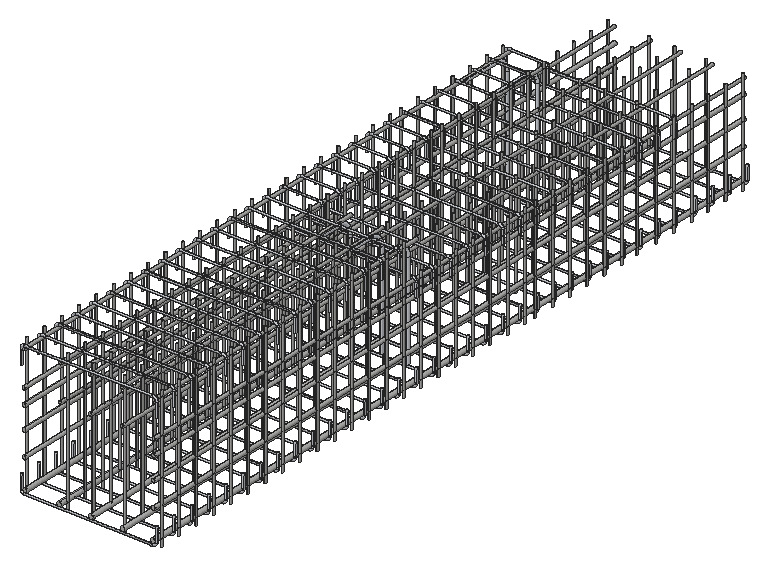
Revit family "261_Каркас пространственный КП4", category Обобщенные модели, Revit 2016 (continued)
Nested families
  nested 169: "361_Арматурная форма 2" at (754, 2225, 559.782) x (0, 0, -1) z (1, 0, 0), type "Параметрический"
    with Рзм.РасчетныйРадиус 90 mm, Рзм.Длина 985.664 mm, Рзм.Диаметр 20 mm, Орг.УровеньТекстовый "", Орг.ОбознчТома(Комплекта) "", Орг.НомерЛистаЭлемента "", Орг.ИзделиеТипПодсчета 2, Орг.ИдентификацияЭлемента2 "", Орг.ИдентификацияЭлемента1 "", Орг.ИдентификацияЭлемента "", Мсв.Количество 1, Мрк.Обозначение "ГОСТ 5781-82", Мрк.Наименование "Ø20 А240 ГОСТ 5781-82", Мрк.МаркаКонструкции "", Мрк.МаркаИзделия3 "", Мрк.МаркаИзделия2 "", Мрк.МаркаИзделия1 "Каркас плоский КР 31", Мрк.МаркаИзделия "Каркас пространственный КП 4", Мрк.Марка "8", Арм.РазмерR 80 mm, Арм.РазмерJ 0 mm, Арм.РазмерG 0 mm, Арм.РазмерF 0 mm, Арм.РазмерE 0 mm, Арм.РазмерD 0 mm, Арм.РазмерC 0 mm, Арм.РазмерB 760 mm, Арм.РазмерA 260 mm, Арм.ПогМетрыВкл no, Арм.КоэфНахлеста 1, Арм.Класс 1240
  nested 170: "361_Арматурная форма 1" at (718, 195, 500) x (0, 0, 1) z (1, 0, 0), type "Параметрический"
    with Рзм.Длина 970 mm, Рзм.Диаметр 12 mm, Орг.УровеньТекстовый "", Орг.ОбознчТома(Комплекта) "", Орг.НомерЛистаЭлемента "", Орг.ИзделиеТипПодсчета 2, Орг.ИдентификацияЭлемента1 "", Орг.ИдентификацияЭлемента "", Мрк.Обозначение "ГОСТ 5781-82", Мрк.Наименование "Ø12 А240 ГОСТ 5781-82", Мрк.МаркаКонструкции "", Мрк.МаркаИзделия3 "", Мрк.МаркаИзделия2 "", Мрк.МаркаИзделия1 "Каркас плоский КР 31", Мрк.МаркаИзделия "Каркас пространственный КП 4", Мрк.Марка "5", Арм.РазмерR 0 mm, Арм.РазмерJ 0 mm, Арм.РазмерG 0 mm, Арм.РазмерF 0 mm, Арм.РазмерE 0 mm, Арм.РазмерD 0 mm, Арм.РазмерC 0 mm, Арм.РазмерB 0 mm, Арм.РазмерA 970 mm, Арм.ПогМетрыВкл no, Арм.КоэфНахлеста 1, Арм.Класс 1240
  nested 171: "361_Арматурная форма 1" at (718, 345, 500) x (0, 0, 1) z (1, 0, 0), type "Параметрический"
    with Рзм.Длина 970 mm, Рзм.Диаметр 12 mm, Орг.УровеньТекстовый "", Орг.ОбознчТома(Комплекта) "", Орг.НомерЛистаЭлемента "", Орг.ИзделиеТипПодсчета 2, Орг.ИдентификацияЭлемента1 "", Орг.ИдентификацияЭлемента "", Мрк.Обозначение "ГОСТ 5781-82", Мрк.Наименование "Ø12 А240 ГОСТ 5781-82", Мрк.МаркаКонструкции "", Мрк.МаркаИзделия3 "", Мрк.МаркаИзделия2 "", Мрк.МаркаИзделия1 "Каркас плоский КР 31", Мрк.МаркаИзделия "Каркас пространственный КП 4", Мрк.Марка "5", Арм.РазмерR 0 mm, Арм.РазмерJ 0 mm, Арм.РазмерG 0 mm, Арм.РазмерF 0 mm, Арм.РазмерE 0 mm, Арм.РазмерD 0 mm, Арм.РазмерC 0 mm, Арм.РазмерB 0 mm, Арм.РазмерA 970 mm, Арм.ПогМетрыВкл no, Арм.КоэфНахлеста 1, Арм.Класс 1240
  nested 172: "361_Арматурная форма 1" at (718, 495, 500) x (0, 0, 1) z (1, 0, 0), type "Параметрический"
    with Рзм.Длина 970 mm, Рзм.Диаметр 12 mm, Орг.УровеньТекстовый "", Орг.ОбознчТома(Комплекта) "", Орг.НомерЛистаЭлемента "", Орг.ИзделиеТипПодсчета 2, Орг.ИдентификацияЭлемента1 "", Орг.ИдентификацияЭлемента "", Мрк.Обозначение "ГОСТ 5781-82", Мрк.Наименование "Ø12 А240 ГОСТ 5781-82", Мрк.МаркаКонструкции "", Мрк.МаркаИзделия3 "", Мрк.МаркаИзделия2 "", Мрк.МаркаИзделия1 "Каркас плоский КР 31", Мрк.МаркаИзделия "Каркас пространственный КП 4", Мрк.Марка "5", Арм.РазмерR 0 mm, Арм.РазмерJ 0 mm, Арм.РазмерG 0 mm, Арм.РазмерF 0 mm, Арм.РазмерE 0 mm, Арм.РазмерD 0 mm, Арм.РазмерC 0 mm, Арм.РазмерB 0 mm, Арм.РазмерA 970 mm, Арм.ПогМетрыВкл no, Арм.КоэфНахлеста 1, Арм.Класс 1240
  nested 173: "361_Арматурная форма 1" at (718, 645, 500) x (0, 0, 1) z (1, 0, 0), type "Параметрический"
    with Рзм.Длина 970 mm, Рзм.Диаметр 12 mm, Орг.УровеньТекстовый "", Орг.ОбознчТома(Комплекта) "", Орг.НомерЛистаЭлемента "", Орг.ИзделиеТипПодсчета 2, Орг.ИдентификацияЭлемента1 "", Орг.ИдентификацияЭлемента "", Мрк.Обозначение "ГОСТ 5781-82", Мрк.Наименование "Ø12 А240 ГОСТ 5781-82", Мрк.МаркаКонструкции "", Мрк.МаркаИзделия3 "", Мрк.МаркаИзделия2 "", Мрк.МаркаИзделия1 "Каркас плоский КР 31", Мрк.МаркаИзделия "Каркас пространственный КП 4", Мрк.Марка "5", Арм.РазмерR 0 mm, Арм.РазмерJ 0 mm, Арм.РазмерG 0 mm, Арм.РазмерF 0 mm, Арм.РазмерE 0 mm, Арм.РазмерD 0 mm, Арм.РазмерC 0 mm, Арм.РазмерB 0 mm, Арм.РазмерA 970 mm, Арм.ПогМетрыВкл no, Арм.КоэфНахлеста 1, Арм.Класс 1240
  nested 174: "361_Арматурная форма 1" at (718, 795, 500) x (0, 0, 1) z (1, 0, 0), type "Параметрический"
    with Рзм.Длина 970 mm, Рзм.Диаметр 12 mm, Орг.УровеньТекстовый "", Орг.ОбознчТома(Комплекта) "", Орг.НомерЛистаЭлемента "", Орг.ИзделиеТипПодсчета 2, Орг.ИдентификацияЭлемента1 "", Орг.ИдентификацияЭлемента "", Мрк.Обозначение "ГОСТ 5781-82", Мрк.Наименование "Ø12 А240 ГОСТ 5781-82", Мрк.МаркаКонструкции "", Мрк.МаркаИзделия3 "", Мрк.МаркаИзделия2 "", Мрк.МаркаИзделия1 "Каркас плоский КР 31", Мрк.МаркаИзделия "Каркас пространственный КП 4", Мрк.Марка "5", Арм.РазмерR 0 mm, Арм.РазмерJ 0 mm, Арм.РазмерG 0 mm, Арм.РазмерF 0 mm, Арм.РазмерE 0 mm, Арм.РазмерD 0 mm, Арм.РазмерC 0 mm, Арм.РазмерB 0 mm, Арм.РазмерA 970 mm, Арм.ПогМетрыВкл no, Арм.КоэфНахлеста 1, Арм.Класс 1240
  nested 175: "361_Арматурная форма 1" at (718, 945, 500) x (0, 0, 1) z (1, 0, 0), type "Параметрический"
    with Рзм.Длина 970 mm, Рзм.Диаметр 12 mm, Орг.УровеньТекстовый "", Орг.ОбознчТома(Комплекта) "", Орг.НомерЛистаЭлемента "", Орг.ИзделиеТипПодсчета 2, Орг.ИдентификацияЭлемента1 "", Орг.ИдентификацияЭлемента "", Мрк.Обозначение "ГОСТ 5781-82", Мрк.Наименование "Ø12 А240 ГОСТ 5781-82", Мрк.МаркаКонструкции "", Мрк.МаркаИзделия3 "", Мрк.МаркаИзделия2 "", Мрк.МаркаИзделия1 "Каркас плоский КР 31", Мрк.МаркаИзделия "Каркас пространственный КП 4", Мрк.Марка "5", Арм.РазмерR 0 mm, Арм.РазмерJ 0 mm, Арм.РазмерG 0 mm, Арм.РазмерF 0 mm, Арм.РазмерE 0 mm, Арм.РазмерD 0 mm, Арм.РазмерC 0 mm, Арм.РазмерB 0 mm, Арм.РазмерA 970 mm, Арм.ПогМетрыВкл no, Арм.КоэфНахлеста 1, Арм.Класс 1240
  nested 176: "361_Арматурная форма 1" at (718, 1095, 500) x (0, 0, 1) z (1, 0, 0), type "Параметрический"
    with Рзм.Длина 970 mm, Рзм.Диаметр 12 mm, Орг.УровеньТекстовый "", Орг.ОбознчТома(Комплекта) "", Орг.НомерЛистаЭлемента "", Орг.ИзделиеТипПодсчета 2, Орг.ИдентификацияЭлемента1 "", Орг.ИдентификацияЭлемента "", Мрк.Обозначение "ГОСТ 5781-82", Мрк.Наименование "Ø12 А240 ГОСТ 5781-82", Мрк.МаркаКонструкции "", Мрк.МаркаИзделия3 "", Мрк.МаркаИзделия2 "", Мрк.МаркаИзделия1 "Каркас плоский КР 31", Мрк.МаркаИзделия "Каркас пространственный КП 4", Мрк.Марка "5", Арм.РазмерR 0 mm, Арм.РазмерJ 0 mm, Арм.РазмерG 0 mm, Арм.РазмерF 0 mm, Арм.РазмерE 0 mm, Арм.РазмерD 0 mm, Арм.РазмерC 0 mm, Арм.РазмерB 0 mm, Арм.РазмерA 970 mm, Арм.ПогМетрыВкл no, Арм.КоэфНахлеста 1, Арм.Класс 1240
  nested 177: "361_Арматурная форма 1" at (718, 1245, 500) x (0, 0, 1) z (1, 0, 0), type "Параметрический"
    with Рзм.Длина 970 mm, Рзм.Диаметр 12 mm, Орг.УровеньТекстовый "", Орг.ОбознчТома(Комплекта) "", Орг.НомерЛистаЭлемента "", Орг.ИзделиеТипПодсчета 2, Орг.ИдентификацияЭлемента1 "", Орг.ИдентификацияЭлемента "", Мрк.Обозначение "ГОСТ 5781-82", Мрк.Наименование "Ø12 А240 ГОСТ 5781-82", Мрк.МаркаКонструкции "", Мрк.МаркаИзделия3 "", Мрк.МаркаИзделия2 "", Мрк.МаркаИзделия1 "Каркас плоский КР 31", Мрк.МаркаИзделия "Каркас пространственный КП 4", Мрк.Марка "5", Арм.РазмерR 0 mm, Арм.РазмерJ 0 mm, Арм.РазмерG 0 mm, Арм.РазмерF 0 mm, Арм.РазмерE 0 mm, Арм.РазмерD 0 mm, Арм.РазмерC 0 mm, Арм.РазмерB 0 mm, Арм.РазмерA 970 mm, Арм.ПогМетрыВкл no, Арм.КоэфНахлеста 1, Арм.Класс 1240
  nested 178: "361_Арматурная форма 1" at (718, 1395, 500) x (0, 0, 1) z (1, 0, 0), type "Параметрический"
    with Рзм.Длина 970 mm, Рзм.Диаметр 12 mm, Орг.УровеньТекстовый "", Орг.ОбознчТома(Комплекта) "", Орг.НомерЛистаЭлемента "", Орг.ИзделиеТипПодсчета 2, Орг.ИдентификацияЭлемента1 "", Орг.ИдентификацияЭлемента "", Мрк.Обозначение "ГОСТ 5781-82", Мрк.Наименование "Ø12 А240 ГОСТ 5781-82", Мрк.МаркаКонструкции "", Мрк.МаркаИзделия3 "", Мрк.МаркаИзделия2 "", Мрк.МаркаИзделия1 "Каркас плоский КР 31", Мрк.МаркаИзделия "Каркас пространственный КП 4", Мрк.Марка "5", Арм.РазмерR 0 mm, Арм.РазмерJ 0 mm, Арм.РазмерG 0 mm, Арм.РазмерF 0 mm, Арм.РазмерE 0 mm, Арм.РазмерD 0 mm, Арм.РазмерC 0 mm, Арм.РазмерB 0 mm, Арм.РазмерA 970 mm, Арм.ПогМетрыВкл no, Арм.КоэфНахлеста 1, Арм.Класс 1240
  nested 179: "361_Арматурная форма 1" at (718, 1545, 500) x (0, 0, 1) z (1, 0, 0), type "Параметрический"
    with Рзм.Длина 970 mm, Рзм.Диаметр 12 mm, Орг.УровеньТекстовый "", Орг.ОбознчТома(Комплекта) "", Орг.НомерЛистаЭлемента "", Орг.ИзделиеТипПодсчета 2, Орг.ИдентификацияЭлемента1 "", Орг.ИдентификацияЭлемента "", Мрк.Обозначение "ГОСТ 5781-82", Мрк.Наименование "Ø12 А240 ГОСТ 5781-82", Мрк.МаркаКонструкции "", Мрк.МаркаИзделия3 "", Мрк.МаркаИзделия2 "", Мрк.МаркаИзделия1 "Каркас плоский КР 31", Мрк.МаркаИзделия "Каркас пространственный КП 4", Мрк.Марка "5", Арм.РазмерR 0 mm, Арм.РазмерJ 0 mm, Арм.РазмерG 0 mm, Арм.РазмерF 0 mm, Арм.РазмерE 0 mm, Арм.РазмерD 0 mm, Арм.РазмерC 0 mm, Арм.РазмерB 0 mm, Арм.РазмерA 970 mm, Арм.ПогМетрыВкл no, Арм.КоэфНахлеста 1, Арм.Класс 1240
  nested 180: "361_Арматурная форма 1" at (718, 1695, 500) x (0, 0, 1) z (1, 0, 0), type "Параметрический"
    with Рзм.Длина 970 mm, Рзм.Диаметр 12 mm, Орг.УровеньТекстовый "", Орг.ОбознчТома(Комплекта) "", Орг.НомерЛистаЭлемента "", Орг.ИзделиеТипПодсчета 2, Орг.ИдентификацияЭлемента1 "", Орг.ИдентификацияЭлемента "", Мрк.Обозначение "ГОСТ 5781-82", Мрк.Наименование "Ø12 А240 ГОСТ 5781-82", Мрк.МаркаКонструкции "", Мрк.МаркаИзделия3 "", Мрк.МаркаИзделия2 "", Мрк.МаркаИзделия1 "Каркас плоский КР 31", Мрк.МаркаИзделия "Каркас пространственный КП 4", Мрк.Марка "5", Арм.РазмерR 0 mm, Арм.РазмерJ 0 mm, Арм.РазмерG 0 mm, Арм.РазмерF 0 mm, Арм.РазмерE 0 mm, Арм.РазмерD 0 mm, Арм.РазмерC 0 mm, Арм.РазмерB 0 mm, Арм.РазмерA 970 mm, Арм.ПогМетрыВкл no, Арм.КоэфНахлеста 1, Арм.Класс 1240
  nested 181: "361_Арматурная форма 1" at (718, 1845, 500) x (0, 0, 1) z (1, 0, 0), type "Параметрический"
    with Рзм.Длина 970 mm, Рзм.Диаметр 12 mm, Орг.УровеньТекстовый "", Орг.ОбознчТома(Комплекта) "", Орг.НомерЛистаЭлемента "", Орг.ИзделиеТипПодсчета 2, Орг.ИдентификацияЭлемента1 "", Орг.ИдентификацияЭлемента "", Мрк.Обозначение "ГОСТ 5781-82", Мрк.Наименование "Ø12 А240 ГОСТ 5781-82", Мрк.МаркаКонструкции "", Мрк.МаркаИзделия3 "", Мрк.МаркаИзделия2 "", Мрк.МаркаИзделия1 "Каркас плоский КР 31", Мрк.МаркаИзделия "Каркас пространственный КП 4", Мрк.Марка "5", Арм.РазмерR 0 mm, Арм.РазмерJ 0 mm, Арм.РазмерG 0 mm, Арм.РазмерF 0 mm, Арм.РазмерE 0 mm, Арм.РазмерD 0 mm, Арм.РазмерC 0 mm, Арм.РазмерB 0 mm, Арм.РазмерA 970 mm, Арм.ПогМетрыВкл no, Арм.КоэфНахлеста 1, Арм.Класс 1240
  nested 182: "361_Арматурная форма 1" at (718, 1995, 500) x (0, 0, 1) z (1, 0, 0), type "Параметрический"
    with Рзм.Длина 970 mm, Рзм.Диаметр 12 mm, Орг.УровеньТекстовый "", Орг.ОбознчТома(Комплекта) "", Орг.НомерЛистаЭлемента "", Орг.ИзделиеТипПодсчета 2, Орг.ИдентификацияЭлемента1 "", Орг.ИдентификацияЭлемента "", Мрк.Обозначение "ГОСТ 5781-82", Мрк.Наименование "Ø12 А240 ГОСТ 5781-82", Мрк.МаркаКонструкции "", Мрк.МаркаИзделия3 "", Мрк.МаркаИзделия2 "", Мрк.МаркаИзделия1 "Каркас плоский КР 31", Мрк.МаркаИзделия "Каркас пространственный КП 4", Мрк.Марка "5", Арм.РазмерR 0 mm, Арм.РазмерJ 0 mm, Арм.РазмерG 0 mm, Арм.РазмерF 0 mm, Арм.РазмерE 0 mm, Арм.РазмерD 0 mm, Арм.РазмерC 0 mm, Арм.РазмерB 0 mm, Арм.РазмерA 970 mm, Арм.ПогМетрыВкл no, Арм.КоэфНахлеста 1, Арм.Класс 1240
  nested 183: "361_Арматурная форма 1" at (718, 2145, 500) x (0, 0, 1) z (1, 0, 0), type "Параметрический"
    with Рзм.Длина 970 mm, Рзм.Диаметр 12 mm, Орг.УровеньТекстовый "", Орг.ОбознчТома(Комплекта) "", Орг.НомерЛистаЭлемента "", Орг.ИзделиеТипПодсчета 2, Орг.ИдентификацияЭлемента1 "", Орг.ИдентификацияЭлемента "", Мрк.Обозначение "ГОСТ 5781-82", Мрк.Наименование "Ø12 А240 ГОСТ 5781-82", Мрк.МаркаКонструкции "", Мрк.МаркаИзделия3 "", Мрк.МаркаИзделия2 "", Мрк.МаркаИзделия1 "Каркас плоский КР 31", Мрк.МаркаИзделия "Каркас пространственный КП 4", Мрк.Марка "5", Арм.РазмерR 0 mm, Арм.РазмерJ 0 mm, Арм.РазмерG 0 mm, Арм.РазмерF 0 mm, Арм.РазмерE 0 mm, Арм.РазмерD 0 mm, Арм.РазмерC 0 mm, Арм.РазмерB 0 mm, Арм.РазмерA 970 mm, Арм.ПогМетрыВкл no, Арм.КоэфНахлеста 1, Арм.Класс 1240
  nested 184: "361_Арматурная форма 1" at (718, 2295, 377.5) x (0, 0, 1) z (1, 0, 0), type "Параметрический"
    with Рзм.Длина 725 mm, Рзм.Диаметр 12 mm, Орг.УровеньТекстовый "", Орг.ОбознчТома(Комплекта) "", Орг.НомерЛистаЭлемента "", Орг.ИзделиеТипПодсчета 2, Орг.ИдентификацияЭлемента1 "", Орг.ИдентификацияЭлемента "", Мрк.Обозначение "ГОСТ 5781-82", Мрк.Наименование "Ø12 А240 ГОСТ 5781-82", Мрк.МаркаКонструкции "", Мрк.МаркаИзделия3 "", Мрк.МаркаИзделия2 "", Мрк.МаркаИзделия1 "Каркас плоский КР 31", Мрк.МаркаИзделия "Каркас пространственный КП 4", Мрк.Марка "6", Арм.РазмерR 0 mm, Арм.РазмерJ 0 mm, Арм.РазмерG 0 mm, Арм.РазмерF 0 mm, Арм.РазмерE 0 mm, Арм.РазмерD 0 mm, Арм.РазмерC 0 mm, Арм.РазмерB 0 mm, Арм.РазмерA 725 mm, Арм.ПогМетрыВкл no, Арм.КоэфНахлеста 1, Арм.Класс 1240
  nested 185: "361_Арматурная форма 1" at (718, 2445, 377.5) x (0, 0, 1) z (1, 0, 0), type "Параметрический"
    with Рзм.Длина 725 mm, Рзм.Диаметр 12 mm, Орг.УровеньТекстовый "", Орг.ОбознчТома(Комплекта) "", Орг.НомерЛистаЭлемента "", Орг.ИзделиеТипПодсчета 2, Орг.ИдентификацияЭлемента1 "", Орг.ИдентификацияЭлемента "", Мрк.Обозначение "ГОСТ 5781-82", Мрк.Наименование "Ø12 А240 ГОСТ 5781-82", Мрк.МаркаКонструкции "", Мрк.МаркаИзделия3 "", Мрк.МаркаИзделия2 "", Мрк.МаркаИзделия1 "Каркас плоский КР 31", Мрк.МаркаИзделия "Каркас пространственный КП 4", Мрк.Марка "6", Арм.РазмерR 0 mm, Арм.РазмерJ 0 mm, Арм.РазмерG 0 mm, Арм.РазмерF 0 mm, Арм.РазмерE 0 mm, Арм.РазмерD 0 mm, Арм.РазмерC 0 mm, Арм.РазмерB 0 mm, Арм.РазмерA 725 mm, Арм.ПогМетрыВкл no, Арм.КоэфНахлеста 1, Арм.Класс 1240
  nested 186: "361_Арматурная форма 1" at (718, 2595, 377.5) x (0, 0, 1) z (1, 0, 0), type "Параметрический"
    with Рзм.Длина 725 mm, Рзм.Диаметр 12 mm, Орг.УровеньТекстовый "", Орг.ОбознчТома(Комплекта) "", Орг.НомерЛистаЭлемента "", Орг.ИзделиеТипПодсчета 2, Орг.ИдентификацияЭлемента1 "", Орг.ИдентификацияЭлемента "", Мрк.Обозначение "ГОСТ 5781-82", Мрк.Наименование "Ø12 А240 ГОСТ 5781-82", Мрк.МаркаКонструкции "", Мрк.МаркаИзделия3 "", Мрк.МаркаИзделия2 "", Мрк.МаркаИзделия1 "Каркас плоский КР 31", Мрк.МаркаИзделия "Каркас пространственный КП 4", Мрк.Марка "6", Арм.РазмерR 0 mm, Арм.РазмерJ 0 mm, Арм.РазмерG 0 mm, Арм.РазмерF 0 mm, Арм.РазмерE 0 mm, Арм.РазмерD 0 mm, Арм.РазмерC 0 mm, Арм.РазмерB 0 mm, Арм.РазмерA 725 mm, Арм.ПогМетрыВкл no, Арм.КоэфНахлеста 1, Арм.Класс 1240
  nested 187: "361_Арматурная форма 1" at (718, 2745, 377.5) x (0, 0, 1) z (1, 0, 0), type "Параметрический"
    with Рзм.Длина 725 mm, Рзм.Диаметр 12 mm, Орг.УровеньТекстовый "", Орг.ОбознчТома(Комплекта) "", Орг.НомерЛистаЭлемента "", Орг.ИзделиеТипПодсчета 2, Орг.ИдентификацияЭлемента1 "", Орг.ИдентификацияЭлемента "", Мрк.Обозначение "ГОСТ 5781-82", Мрк.Наименование "Ø12 А240 ГОСТ 5781-82", Мрк.МаркаКонструкции "", Мрк.МаркаИзделия3 "", Мрк.МаркаИзделия2 "", Мрк.МаркаИзделия1 "Каркас плоский КР 31", Мрк.МаркаИзделия "Каркас пространственный КП 4", Мрк.Марка "6", Арм.РазмерR 0 mm, Арм.РазмерJ 0 mm, Арм.РазмерG 0 mm, Арм.РазмерF 0 mm, Арм.РазмерE 0 mm, Арм.РазмерD 0 mm, Арм.РазмерC 0 mm, Арм.РазмерB 0 mm, Арм.РазмерA 725 mm, Арм.ПогМетрыВкл no, Арм.КоэфНахлеста 1, Арм.Класс 1240
  nested 188: "361_Арматурная форма 1" at (718, 2895, 377.5) x (0, 0, 1) z (1, 0, 0), type "Параметрический"
    with Рзм.Длина 725 mm, Рзм.Диаметр 12 mm, Орг.УровеньТекстовый "", Орг.ОбознчТома(Комплекта) "", Орг.НомерЛистаЭлемента "", Орг.ИзделиеТипПодсчета 2, Орг.ИдентификацияЭлемента1 "", Орг.ИдентификацияЭлемента "", Мрк.Обозначение "ГОСТ 5781-82", Мрк.Наименование "Ø12 А240 ГОСТ 5781-82", Мрк.МаркаКонструкции "", Мрк.МаркаИзделия3 "", Мрк.МаркаИзделия2 "", Мрк.МаркаИзделия1 "Каркас плоский КР 31", Мрк.МаркаИзделия "Каркас пространственный КП 4", Мрк.Марка "6", Арм.РазмерR 0 mm, Арм.РазмерJ 0 mm, Арм.РазмерG 0 mm, Арм.РазмерF 0 mm, Арм.РазмерE 0 mm, Арм.РазмерD 0 mm, Арм.РазмерC 0 mm, Арм.РазмерB 0 mm, Арм.РазмерA 725 mm, Арм.ПогМетрыВкл no, Арм.КоэфНахлеста 1, Арм.Класс 1240
  nested 189: "361_Арматурная форма 1" at (718, 3045, 377.5) x (0, 0, 1) z (1, 0, 0), type "Параметрический"
    with Рзм.Длина 725 mm, Рзм.Диаметр 12 mm, Орг.УровеньТекстовый "", Орг.ОбознчТома(Комплекта) "", Орг.НомерЛистаЭлемента "", Орг.ИзделиеТипПодсчета 2, Орг.ИдентификацияЭлемента1 "", Орг.ИдентификацияЭлемента "", Мрк.Обозначение "ГОСТ 5781-82", Мрк.Наименование "Ø12 А240 ГОСТ 5781-82", Мрк.МаркаКонструкции "", Мрк.МаркаИзделия3 "", Мрк.МаркаИзделия2 "", Мрк.МаркаИзделия1 "Каркас плоский КР 31", Мрк.МаркаИзделия "Каркас пространственный КП 4", Мрк.Марка "6", Арм.РазмерR 0 mm, Арм.РазмерJ 0 mm, Арм.РазмерG 0 mm, Арм.РазмерF 0 mm, Арм.РазмерE 0 mm, Арм.РазмерD 0 mm, Арм.РазмерC 0 mm, Арм.РазмерB 0 mm, Арм.РазмерA 725 mm, Арм.ПогМетрыВкл no, Арм.КоэфНахлеста 1, Арм.Класс 1240
  nested 190: "361_Арматурная форма 1" at (718, 3195, 377.5) x (0, 0, 1) z (1, 0, 0), type "Параметрический"
    with Рзм.Длина 725 mm, Рзм.Диаметр 12 mm, Орг.УровеньТекстовый "", Орг.ОбознчТома(Комплекта) "", Орг.НомерЛистаЭлемента "", Орг.ИзделиеТипПодсчета 2, Орг.ИдентификацияЭлемента1 "", Орг.ИдентификацияЭлемента "", Мрк.Обозначение "ГОСТ 5781-82", Мрк.Наименование "Ø12 А240 ГОСТ 5781-82", Мрк.МаркаКонструкции "", Мрк.МаркаИзделия3 "", Мрк.МаркаИзделия2 "", Мрк.МаркаИзделия1 "Каркас плоский КР 31", Мрк.МаркаИзделия "Каркас пространственный КП 4", Мрк.Марка "6", Арм.РазмерR 0 mm, Арм.РазмерJ 0 mm, Арм.РазмерG 0 mm, Арм.РазмерF 0 mm, Арм.РазмерE 0 mm, Арм.РазмерD 0 mm, Арм.РазмерC 0 mm, Арм.РазмерB 0 mm, Арм.РазмерA 725 mm, Арм.ПогМетрыВкл no, Арм.КоэфНахлеста 1, Арм.Класс 1240
  nested 191: "361_Арматурная форма 1" at (718, 3285, 377.5) x (0, 0, 1) z (1, 0, 0), type "Параметрический"
    with Рзм.Длина 725 mm, Рзм.Диаметр 12 mm, Орг.УровеньТекстовый "", Орг.ОбознчТома(Комплекта) "", Орг.НомерЛистаЭлемента "", Орг.ИзделиеТипПодсчета 2, Орг.ИдентификацияЭлемента1 "", Орг.ИдентификацияЭлемента "", Мрк.Обозначение "ГОСТ 5781-82", Мрк.Наименование "Ø12 А240 ГОСТ 5781-82", Мрк.МаркаКонструкции "", Мрк.МаркаИзделия3 "", Мрк.МаркаИзделия2 "", Мрк.МаркаИзделия1 "Каркас плоский КР 31", Мрк.МаркаИзделия "Каркас пространственный КП 4", Мрк.Марка "6", Арм.РазмерR 0 mm, Арм.РазмерJ 0 mm, Арм.РазмерG 0 mm, Арм.РазмерF 0 mm, Арм.РазмерE 0 mm, Арм.РазмерD 0 mm, Арм.РазмерC 0 mm, Арм.РазмерB 0 mm, Арм.РазмерA 725 mm, Арм.ПогМетрыВкл no, Арм.КоэфНахлеста 1, Арм.Класс 1240
  nested 192: "361_Арматурная форма 1" at (718, 3435, 377.5) x (0, 0, 1) z (1, 0, 0), type "Параметрический"
    with Рзм.Длина 725 mm, Рзм.Диаметр 12 mm, Орг.УровеньТекстовый "", Орг.ОбознчТома(Комплекта) "", Орг.НомерЛистаЭлемента "", Орг.ИзделиеТипПодсчета 2, Орг.ИдентификацияЭлемента1 "", Орг.ИдентификацияЭлемента "", Мрк.Обозначение "ГОСТ 5781-82", Мрк.Наименование "Ø12 А240 ГОСТ 5781-82", Мрк.МаркаКонструкции "", Мрк.МаркаИзделия3 "", Мрк.МаркаИзделия2 "", Мрк.МаркаИзделия1 "Каркас плоский КР 31", Мрк.МаркаИзделия "Каркас пространственный КП 4", Мрк.Марка "6", Арм.РазмерR 0 mm, Арм.РазмерJ 0 mm, Арм.РазмерG 0 mm, Арм.РазмерF 0 mm, Арм.РазмерE 0 mm, Арм.РазмерD 0 mm, Арм.РазмерC 0 mm, Арм.РазмерB 0 mm, Арм.РазмерA 725 mm, Арм.ПогМетрыВкл no, Арм.КоэфНахлеста 1, Арм.Класс 1240
  nested 193: "361_Арматурная форма 1" at (718, 3585, 377.5) x (0, 0, 1) z (1, 0, 0), type "Параметрический"
    with Рзм.Длина 725 mm, Рзм.Диаметр 12 mm, Орг.УровеньТекстовый "", Орг.ОбознчТома(Комплекта) "", Орг.НомерЛистаЭлемента "", Орг.ИзделиеТипПодсчета 2, Орг.ИдентификацияЭлемента1 "", Орг.ИдентификацияЭлемента "", Мрк.Обозначение "ГОСТ 5781-82", Мрк.Наименование "Ø12 А240 ГОСТ 5781-82", Мрк.МаркаКонструкции "", Мрк.МаркаИзделия3 "", Мрк.МаркаИзделия2 "", Мрк.МаркаИзделия1 "Каркас плоский КР 31", Мрк.МаркаИзделия "Каркас пространственный КП 4", Мрк.Марка "6", Арм.РазмерR 0 mm, Арм.РазмерJ 0 mm, Арм.РазмерG 0 mm, Арм.РазмерF 0 mm, Арм.РазмерE 0 mm, Арм.РазмерD 0 mm, Арм.РазмерC 0 mm, Арм.РазмерB 0 mm, Арм.РазмерA 725 mm, Арм.ПогМетрыВкл no, Арм.КоэфНахлеста 1, Арм.Класс 1240
  nested 194: "361_Арматурная форма 1" at (718, 3735, 377.5) x (0, 0, 1) z (1, 0, 0), type "Параметрический"
    with Рзм.Длина 725 mm, Рзм.Диаметр 12 mm, Орг.УровеньТекстовый "", Орг.ОбознчТома(Комплекта) "", Орг.НомерЛистаЭлемента "", Орг.ИзделиеТипПодсчета 2, Орг.ИдентификацияЭлемента1 "", Орг.ИдентификацияЭлемента "", Мрк.Обозначение "ГОСТ 5781-82", Мрк.Наименование "Ø12 А240 ГОСТ 5781-82", Мрк.МаркаКонструкции "", Мрк.МаркаИзделия3 "", Мрк.МаркаИзделия2 "", Мрк.МаркаИзделия1 "Каркас плоский КР 31", Мрк.МаркаИзделия "Каркас пространственный КП 4", Мрк.Марка "6", Арм.РазмерR 0 mm, Арм.РазмерJ 0 mm, Арм.РазмерG 0 mm, Арм.РазмерF 0 mm, Арм.РазмерE 0 mm, Арм.РазмерD 0 mm, Арм.РазмерC 0 mm, Арм.РазмерB 0 mm, Арм.РазмерA 725 mm, Арм.ПогМетрыВкл no, Арм.КоэфНахлеста 1, Арм.Класс 1240
  nested 195: "361_Арматурная форма 1" at (718, 3885, 377.5) x (0, 0, 1) z (1, 0, 0), type "Параметрический"
    with Рзм.Длина 725 mm, Рзм.Диаметр 12 mm, Орг.УровеньТекстовый "", Орг.ОбознчТома(Комплекта) "", Орг.НомерЛистаЭлемента "", Орг.ИзделиеТипПодсчета 2, Орг.ИдентификацияЭлемента1 "", Орг.ИдентификацияЭлемента "", Мрк.Обозначение "ГОСТ 5781-82", Мрк.Наименование "Ø12 А240 ГОСТ 5781-82", Мрк.МаркаКонструкции "", Мрк.МаркаИзделия3 "", Мрк.МаркаИзделия2 "", Мрк.МаркаИзделия1 "Каркас плоский КР 31", Мрк.МаркаИзделия "Каркас пространственный КП 4", Мрк.Марка "6", Арм.РазмерR 0 mm, Арм.РазмерJ 0 mm, Арм.РазмерG 0 mm, Арм.РазмерF 0 mm, Арм.РазмерE 0 mm, Арм.РазмерD 0 mm, Арм.РазмерC 0 mm, Арм.РазмерB 0 mm, Арм.РазмерA 725 mm, Арм.ПогМетрыВкл no, Арм.КоэфНахлеста 1, Арм.Класс 1240
  nested 196: "361_Арматурная форма 1" at (718, 4035, 377.5) x (0, 0, 1) z (1, 0, 0), type "Параметрический"
    with Рзм.Длина 725 mm, Рзм.Диаметр 12 mm, Орг.УровеньТекстовый "", Орг.ОбознчТома(Комплекта) "", Орг.НомерЛистаЭлемента "", Орг.ИзделиеТипПодсчета 2, Орг.ИдентификацияЭлемента1 "", Орг.ИдентификацияЭлемента "", Мрк.Обозначение "ГОСТ 5781-82", Мрк.Наименование "Ø12 А240 ГОСТ 5781-82", Мрк.МаркаКонструкции "", Мрк.МаркаИзделия3 "", Мрк.МаркаИзделия2 "", Мрк.МаркаИзделия1 "Каркас плоский КР 31", Мрк.МаркаИзделия "Каркас пространственный КП 4", Мрк.Марка "6", Арм.РазмерR 0 mm, Арм.РазмерJ 0 mm, Арм.РазмерG 0 mm, Арм.РазмерF 0 mm, Арм.РазмерE 0 mm, Арм.РазмерD 0 mm, Арм.РазмерC 0 mm, Арм.РазмерB 0 mm, Арм.РазмерA 725 mm, Арм.ПогМетрыВкл no, Арм.КоэфНахлеста 1, Арм.Класс 1240
  nested 197: "361_Арматурная форма 1" at (718, 4170, 377.5) x (0, 0, 1) z (1, 0, 0), type "Параметрический"
    with Рзм.Длина 725 mm, Рзм.Диаметр 12 mm, Орг.УровеньТекстовый "", Орг.ОбознчТома(Комплекта) "", Орг.НомерЛистаЭлемента "", Орг.ИзделиеТипПодсчета 2, Орг.ИдентификацияЭлемента1 "", Орг.ИдентификацияЭлемента "", Мрк.Обозначение "ГОСТ 5781-82", Мрк.Наименование "Ø12 А240 ГОСТ 5781-82", Мрк.МаркаКонструкции "", Мрк.МаркаИзделия3 "", Мрк.МаркаИзделия2 "", Мрк.МаркаИзделия1 "Каркас плоский КР 31", Мрк.МаркаИзделия "Каркас пространственный КП 4", Мрк.Марка "6", Арм.РазмерR 0 mm, Арм.РазмерJ 0 mm, Арм.РазмерG 0 mm, Арм.РазмерF 0 mm, Арм.РазмерE 0 mm, Арм.РазмерD 0 mm, Арм.РазмерC 0 mm, Арм.РазмерB 0 mm, Арм.РазмерA 725 mm, Арм.ПогМетрыВкл no, Арм.КоэфНахлеста 1, Арм.Класс 1240
  nested 198: "361_Арматурная форма 1" at (718, 4335, 377.5) x (0, 0, 1) z (1, 0, 0), type "Параметрический"
    with Рзм.Длина 725 mm, Рзм.Диаметр 12 mm, Орг.УровеньТекстовый "", Орг.ОбознчТома(Комплекта) "", Орг.НомерЛистаЭлемента "", Орг.ИзделиеТипПодсчета 2, Орг.ИдентификацияЭлемента1 "", Орг.ИдентификацияЭлемента "", Мрк.Обозначение "ГОСТ 5781-82", Мрк.Наименование "Ø12 А240 ГОСТ 5781-82", Мрк.МаркаКонструкции "", Мрк.МаркаИзделия3 "", Мрк.МаркаИзделия2 "", Мрк.МаркаИзделия1 "Каркас плоский КР 31", Мрк.МаркаИзделия "Каркас пространственный КП 4", Мрк.Марка "6", Арм.РазмерR 0 mm, Арм.РазмерJ 0 mm, Арм.РазмерG 0 mm, Арм.РазмерF 0 mm, Арм.РазмерE 0 mm, Арм.РазмерD 0 mm, Арм.РазмерC 0 mm, Арм.РазмерB 0 mm, Арм.РазмерA 725 mm, Арм.ПогМетрыВкл no, Арм.КоэфНахлеста 1, Арм.Класс 1240
  nested 199: "361_Арматурная форма 1" at (718, 4485, 377.5) x (0, 0, 1) z (1, 0, 0), type "Параметрический"
    with Рзм.Длина 725 mm, Рзм.Диаметр 12 mm, Орг.УровеньТекстовый "", Орг.ОбознчТома(Комплекта) "", Орг.НомерЛистаЭлемента "", Орг.ИзделиеТипПодсчета 2, Орг.ИдентификацияЭлемента1 "", Орг.ИдентификацияЭлемента "", Мрк.Обозначение "ГОСТ 5781-82", Мрк.Наименование "Ø12 А240 ГОСТ 5781-82", Мрк.МаркаКонструкции "", Мрк.МаркаИзделия3 "", Мрк.МаркаИзделия2 "", Мрк.МаркаИзделия1 "Каркас плоский КР 31", Мрк.МаркаИзделия "Каркас пространственный КП 4", Мрк.Марка "6", Арм.РазмерR 0 mm, Арм.РазмерJ 0 mm, Арм.РазмерG 0 mm, Арм.РазмерF 0 mm, Арм.РазмерE 0 mm, Арм.РазмерD 0 mm, Арм.РазмерC 0 mm, Арм.РазмерB 0 mm, Арм.РазмерA 725 mm, Арм.ПогМетрыВкл no, Арм.КоэфНахлеста 1, Арм.Класс 1240
  nested 200: "361_Арматурная форма 1" at (718, 4645, 377.5) x (0, 0, 1) z (1, 0, 0), type "Параметрический"
    with Рзм.Длина 725 mm, Рзм.Диаметр 12 mm, Орг.УровеньТекстовый "", Орг.ОбознчТома(Комплекта) "", Орг.НомерЛистаЭлемента "", Орг.ИзделиеТипПодсчета 2, Орг.ИдентификацияЭлемента1 "", Орг.ИдентификацияЭлемента "", Мрк.Обозначение "ГОСТ 5781-82", Мрк.Наименование "Ø12 А240 ГОСТ 5781-82", Мрк.МаркаКонструкции "", Мрк.МаркаИзделия3 "", Мрк.МаркаИзделия2 "", Мрк.МаркаИзделия1 "Каркас плоский КР 31", Мрк.МаркаИзделия "Каркас пространственный КП 4", Мрк.Марка "6", Арм.РазмерR 0 mm, Арм.РазмерJ 0 mm, Арм.РазмерG 0 mm, Арм.РазмерF 0 mm, Арм.РазмерE 0 mm, Арм.РазмерD 0 mm, Арм.РазмерC 0 mm, Арм.РазмерB 0 mm, Арм.РазмерA 725 mm, Арм.ПогМетрыВкл no, Арм.КоэфНахлеста 1, Арм.Класс 1240
  nested 201: "361_Арматурная форма 1" at (718, 4785, 377.5) x (0, 0, 1) z (1, 0, 0), type "Параметрический"
    with Рзм.Длина 725 mm, Рзм.Диаметр 12 mm, Орг.УровеньТекстовый "", Орг.ОбознчТома(Комплекта) "", Орг.НомерЛистаЭлемента "", Орг.ИзделиеТипПодсчета 2, Орг.ИдентификацияЭлемента1 "", Орг.ИдентификацияЭлемента "", Мрк.Обозначение "ГОСТ 5781-82", Мрк.Наименование "Ø12 А240 ГОСТ 5781-82", Мрк.МаркаКонструкции "", Мрк.МаркаИзделия3 "", Мрк.МаркаИзделия2 "", Мрк.МаркаИзделия1 "Каркас плоский КР 31", Мрк.МаркаИзделия "Каркас пространственный КП 4", Мрк.Марка "6", Арм.РазмерR 0 mm, Арм.РазмерJ 0 mm, Арм.РазмерG 0 mm, Арм.РазмерF 0 mm, Арм.РазмерE 0 mm, Арм.РазмерD 0 mm, Арм.РазмерC 0 mm, Арм.РазмерB 0 mm, Арм.РазмерA 725 mm, Арм.ПогМетрыВкл no, Арм.КоэфНахлеста 1, Арм.Класс 1240
  nested 202: "361_Арматурная форма 1" at (718, 4935, 377.5) x (0, 0, 1) z (1, 0, 0), type "Параметрический"
    with Рзм.Длина 725 mm, Рзм.Диаметр 12 mm, Орг.УровеньТекстовый "", Орг.ОбознчТома(Комплекта) "", Орг.НомерЛистаЭлемента "", Орг.ИзделиеТипПодсчета 2, Орг.ИдентификацияЭлемента1 "", Орг.ИдентификацияЭлемента "", Мрк.Обозначение "ГОСТ 5781-82", Мрк.Наименование "Ø12 А240 ГОСТ 5781-82", Мрк.МаркаКонструкции "", Мрк.МаркаИзделия3 "", Мрк.МаркаИзделия2 "", Мрк.МаркаИзделия1 "Каркас плоский КР 31", Мрк.МаркаИзделия "Каркас пространственный КП 4", Мрк.Марка "6", Арм.РазмерR 0 mm, Арм.РазмерJ 0 mm, Арм.РазмерG 0 mm, Арм.РазмерF 0 mm, Арм.РазмерE 0 mm, Арм.РазмерD 0 mm, Арм.РазмерC 0 mm, Арм.РазмерB 0 mm, Арм.РазмерA 725 mm, Арм.ПогМетрыВкл no, Арм.КоэфНахлеста 1, Арм.Класс 1240
  nested 203: "361_Арматурная форма 1" at (718, 5085, 377.5) x (0, 0, 1) z (1, 0, 0), type "Параметрический"
    with Рзм.Длина 725 mm, Рзм.Диаметр 12 mm, Орг.УровеньТекстовый "", Орг.ОбознчТома(Комплекта) "", Орг.НомерЛистаЭлемента "", Орг.ИзделиеТипПодсчета 2, Орг.ИдентификацияЭлемента1 "", Орг.ИдентификацияЭлемента "", Мрк.Обозначение "ГОСТ 5781-82", Мрк.Наименование "Ø12 А240 ГОСТ 5781-82", Мрк.МаркаКонструкции "", Мрк.МаркаИзделия3 "", Мрк.МаркаИзделия2 "", Мрк.МаркаИзделия1 "Каркас плоский КР 31", Мрк.МаркаИзделия "Каркас пространственный КП 4", Мрк.Марка "6", Арм.РазмерR 0 mm, Арм.РазмерJ 0 mm, Арм.РазмерG 0 mm, Арм.РазмерF 0 mm, Арм.РазмерE 0 mm, Арм.РазмерD 0 mm, Арм.РазмерC 0 mm, Арм.РазмерB 0 mm, Арм.РазмерA 725 mm, Арм.ПогМетрыВкл no, Арм.КоэфНахлеста 1, Арм.Класс 1240
  nested 204: "361_Арматурная форма 1" at (734, 1130, 940) x (0, -1, 0) z (1, 0, 0), type "Параметрический"
    with Рзм.Длина 2260 mm, Рзм.Диаметр 20 mm, Орг.УровеньТекстовый "", Орг.ОбознчТома(Комплекта) "", Орг.НомерЛистаЭлемента "", Орг.ИзделиеТипПодсчета 2, Орг.ИдентификацияЭлемента1 "", Орг.ИдентификацияЭлемента "", Мрк.Обозначение "ГОСТ 5781-82", Мрк.Наименование "Ø20 А240 ГОСТ 5781-82", Мрк.МаркаКонструкции "", Мрк.МаркаИзделия3 "", Мрк.МаркаИзделия2 "", Мрк.МаркаИзделия1 "Каркас плоский КР 31", Мрк.МаркаИзделия "Каркас пространственный КП 4", Мрк.Марка "4", Арм.РазмерR 0 mm, Арм.РазмерJ 0 mm, Арм.РазмерG 0 mm, Арм.РазмерF 0 mm, Арм.РазмерE 0 mm, Арм.РазмерD 0 mm, Арм.РазмерC 0 mm, Арм.РазмерB 0 mm, Арм.РазмерA 2260 mm, Арм.ПогМетрыВкл no, Арм.КоэфНахлеста 1, Арм.Класс 1240
  nested 205: "361_Арматурная форма 1" at (734, 2560, 695) x (0, -1, 0) z (1, 0, 0), type "Параметрический"
    with Рзм.Длина 5120 mm, Рзм.Диаметр 20 mm, Орг.УровеньТекстовый "", Орг.ОбознчТома(Комплекта) "", Орг.НомерЛистаЭлемента "", Орг.ИзделиеТипПодсчета 2, Орг.ИдентификацияЭлемента1 "", Орг.ИдентификацияЭлемента "", Мрк.Обозначение "ГОСТ 5781-82", Мрк.Наименование "Ø20 А240 ГОСТ 5781-82", Мрк.МаркаКонструкции "", Мрк.МаркаИзделия3 "", Мрк.МаркаИзделия2 "", Мрк.МаркаИзделия1 "Каркас плоский КР 31", Мрк.МаркаИзделия "Каркас пространственный КП 4", Мрк.Марка "3", Арм.РазмерR 0 mm, Арм.РазмерJ 0 mm, Арм.РазмерG 0 mm, Арм.РазмерF 0 mm, Арм.РазмерE 0 mm, Арм.РазмерD 0 mm, Арм.РазмерC 0 mm, Арм.РазмерB 0 mm, Арм.РазмерA 5120 mm, Арм.ПогМетрыВкл no, Арм.КоэфНахлеста 1, Арм.Класс 1240
  nested 206: "361_Арматурная форма 1" at (740, 2560, 60) x (0, -1, 0) z (1, 0, 0), type "Параметрический"
    with Рзм.Длина 5120 mm, Рзм.Диаметр 32 mm, Орг.УровеньТекстовый "", Орг.ОбознчТома(Комплекта) "", Орг.НомерЛистаЭлемента "", Орг.ИзделиеТипПодсчета 2, Орг.ИдентификацияЭлемента1 "", Орг.ИдентификацияЭлемента "", Мрк.Обозначение "ГОСТ 5781-82", Мрк.Наименование "Арматура не специфицирована", Мрк.МаркаКонструкции "", Мрк.МаркаИзделия3 "", Мрк.МаркаИзделия2 "", Мрк.МаркаИзделия1 "Каркас плоский КР 31", Мрк.МаркаИзделия "Каркас пространственный КП 4", Мрк.Марка "1", Арм.РазмерR 0 mm, Арм.РазмерJ 0 mm, Арм.РазмерG 0 mm, Арм.РазмерF 0 mm, Арм.РазмерE 0 mm, Арм.РазмерD 0 mm, Арм.РазмерC 0 mm, Арм.РазмерB 0 mm, Арм.РазмерA 5120 mm, Арм.ПогМетрыВкл no, Арм.КоэфНахлеста 1, Арм.Класс 1240
  nested 207: "361_Арматурная форма 3" at (505.5, 0, 38) x (1, 0, 0) z (0, 1, 0), Орг.ИдентификацияЭлемента2 <- "Орг.ИдентификацияЭлемента2", Орг.ИдентификацияЭлемента1 <- "Орг.ИдентификацияЭлемента1", Орг.ИдентификацияЭлемента <- "Орг.ИдентификацияЭлемента", Мрк.МаркаКонструкции <- "Мрк.МаркаКонструкции", Мрк.МаркаИзделия3 <- "Мрк.МаркаИзделия3", Мрк.МаркаИзделия2 <- "Мрк.МаркаИзделия2", Мрк.МаркаИзделия1 <- "Мрк.МаркаИзделия1", Мрк.МаркаИзделия <- "Мрк.МаркаИзделия", Орг.УровеньТекстовый <- "Орг.УровеньТекстовый", Орг.ОбознчТома(Комплекта) <- "Орг.ОбознчТома(Комплекта)", Орг.НомерЛистаЭлемента <- "Орг.НомерЛистаЭлемента", type "Параметрический"
    with Рзм.РасчетныйРадиус 22 mm, Рзм.Длина 1166.265 mm, Рзм.Диаметр 12 mm, Орг.УровеньТекстовый "", Орг.ОбознчТома(Комплекта) "", Орг.НомерЛистаЭлемента "", Орг.ИзделиеТипПодсчета 2, Орг.ИдентификацияЭлемента2 "", Орг.ИдентификацияЭлемента1 "", Орг.ИдентификацияЭлемента "", Мсв.Количество 1, Мрк.Обозначение "ГОСТ 5781-82", Мрк.Наименование "Ø12 А240 ГОСТ 5781-82", Мрк.МаркаКонструкции "", Мрк.МаркаИзделия3 "", Мрк.МаркаИзделия2 "", Мрк.МаркаИзделия1 "", Мрк.МаркаИзделия "Каркас пространственный КП 4", Мрк.Марка "5", Арм.РазмерR 16 mm, Арм.РазмерJ 0 mm, Арм.РазмерG 0 mm, Арм.РазмерF 0 mm, Арм.РазмерE 0 mm, Арм.РазмерD 0 mm, Арм.РазмерC 120 mm, Арм.РазмерB 940 mm, Арм.РазмерA 120 mm, Арм.ПогМетрыВкл no, Арм.КоэфНахлеста 1, Арм.Класс 1240
  nested 208: "361_Арматурная форма 3" at (505.5, 0, 960) x (1, 0, 0) z (0, 1, 0), Орг.ИдентификацияЭлемента2 <- "Орг.ИдентификацияЭлемента2", Орг.ИдентификацияЭлемента1 <- "Орг.ИдентификацияЭлемента1", Орг.ИдентификацияЭлемента <- "Орг.ИдентификацияЭлемента", Мрк.МаркаКонструкции <- "Мрк.МаркаКонструкции", Мрк.МаркаИзделия3 <- "Мрк.МаркаИзделия3", Мрк.МаркаИзделия2 <- "Мрк.МаркаИзделия2", Мрк.МаркаИзделия1 <- "Мрк.МаркаИзделия1", Мрк.МаркаИзделия <- "Мрк.МаркаИзделия", Орг.УровеньТекстовый <- "Орг.УровеньТекстовый", Орг.ОбознчТома(Комплекта) <- "Орг.ОбознчТома(Комплекта)", Орг.НомерЛистаЭлемента <- "Орг.НомерЛистаЭлемента", type "Параметрический"
    with Рзм.РасчетныйРадиус 22 mm, Рзм.Длина 1174.078 mm, Рзм.Диаметр 12 mm, Орг.УровеньТекстовый "", Орг.ОбознчТома(Комплекта) "", Орг.НомерЛистаЭлемента "", Орг.ИзделиеТипПодсчета 2, Орг.ИдентификацияЭлемента2 "", Орг.ИдентификацияЭлемента1 "", Орг.ИдентификацияЭлемента "", Мсв.Количество 1, Мрк.Обозначение "ГОСТ 5781-82", Мрк.Наименование "Ø12 А240 ГОСТ 5781-82", Мрк.МаркаКонструкции "", Мрк.МаркаИзделия3 "", Мрк.МаркаИзделия2 "", Мрк.МаркаИзделия1 "", Мрк.МаркаИзделия "Каркас пространственный КП 4", Мрк.Марка "5", Арм.РазмерR 16 mm, Арм.РазмерJ 0 mm, Арм.РазмерG 0 mm, Арм.РазмерF 0 mm, Арм.РазмерE 0 mm, Арм.РазмерD 0 mm, Арм.РазмерC 123.906 mm, Арм.РазмерB 940 mm, Арм.РазмерA 123.906 mm, Арм.ПогМетрыВкл no, Арм.КоэфНахлеста 1, Арм.Класс 1240
  nested 209: "361_Арматурная форма 3" at (505.5, 150, 38) x (1, 0, 0) z (0, 1, 0), Орг.ИдентификацияЭлемента2 <- "Орг.ИдентификацияЭлемента2", Орг.ИдентификацияЭлемента1 <- "Орг.ИдентификацияЭлемента1", Орг.ИдентификацияЭлемента <- "Орг.ИдентификацияЭлемента", Мрк.МаркаКонструкции <- "Мрк.МаркаКонструкции", Мрк.МаркаИзделия3 <- "Мрк.МаркаИзделия3", Мрк.МаркаИзделия2 <- "Мрк.МаркаИзделия2", Мрк.МаркаИзделия1 <- "Мрк.МаркаИзделия1", Мрк.МаркаИзделия <- "Мрк.МаркаИзделия", Орг.УровеньТекстовый <- "Орг.УровеньТекстовый", Орг.ОбознчТома(Комплекта) <- "Орг.ОбознчТома(Комплекта)", Орг.НомерЛистаЭлемента <- "Орг.НомерЛистаЭлемента", type "Параметрический"
    with Рзм.РасчетныйРадиус 22 mm, Рзм.Длина 1166.265 mm, Рзм.Диаметр 12 mm, Орг.УровеньТекстовый "", Орг.ОбознчТома(Комплекта) "", Орг.НомерЛистаЭлемента "", Орг.ИзделиеТипПодсчета 2, Орг.ИдентификацияЭлемента2 "", Орг.ИдентификацияЭлемента1 "", Орг.ИдентификацияЭлемента "", Мсв.Количество 1, Мрк.Обозначение "ГОСТ 5781-82", Мрк.Наименование "Ø12 А240 ГОСТ 5781-82", Мрк.МаркаКонструкции "", Мрк.МаркаИзделия3 "", Мрк.МаркаИзделия2 "", Мрк.МаркаИзделия1 "", Мрк.МаркаИзделия "Каркас пространственный КП 4", Мрк.Марка "5", Арм.РазмерR 16 mm, Арм.РазмерJ 0 mm, Арм.РазмерG 0 mm, Арм.РазмерF 0 mm, Арм.РазмерE 0 mm, Арм.РазмерD 0 mm, Арм.РазмерC 120 mm, Арм.РазмерB 940 mm, Арм.РазмерA 120 mm, Арм.ПогМетрыВкл no, Арм.КоэфНахлеста 1, Арм.Класс 1240
  nested 210: "361_Арматурная форма 3" at (505.5, 150, 960) x (1, 0, 0) z (0, 1, 0), Орг.ИдентификацияЭлемента2 <- "Орг.ИдентификацияЭлемента2", Орг.ИдентификацияЭлемента1 <- "Орг.ИдентификацияЭлемента1", Орг.ИдентификацияЭлемента <- "Орг.ИдентификацияЭлемента", Мрк.МаркаКонструкции <- "Мрк.МаркаКонструкции", Мрк.МаркаИзделия3 <- "Мрк.МаркаИзделия3", Мрк.МаркаИзделия2 <- "Мрк.МаркаИзделия2", Мрк.МаркаИзделия1 <- "Мрк.МаркаИзделия1", Мрк.МаркаИзделия <- "Мрк.МаркаИзделия", Орг.УровеньТекстовый <- "Орг.УровеньТекстовый", Орг.ОбознчТома(Комплекта) <- "Орг.ОбознчТома(Комплекта)", Орг.НомерЛистаЭлемента <- "Орг.НомерЛистаЭлемента", type "Параметрический"
    with Рзм.РасчетныйРадиус 22 mm, Рзм.Длина 1174.078 mm, Рзм.Диаметр 12 mm, Орг.УровеньТекстовый "", Орг.ОбознчТома(Комплекта) "", Орг.НомерЛистаЭлемента "", Орг.ИзделиеТипПодсчета 2, Орг.ИдентификацияЭлемента2 "", Орг.ИдентификацияЭлемента1 "", Орг.ИдентификацияЭлемента "", Мсв.Количество 1, Мрк.Обозначение "ГОСТ 5781-82", Мрк.Наименование "Ø12 А240 ГОСТ 5781-82", Мрк.МаркаКонструкции "", Мрк.МаркаИзделия3 "", Мрк.МаркаИзделия2 "", Мрк.МаркаИзделия1 "", Мрк.МаркаИзделия "Каркас пространственный КП 4", Мрк.Марка "5", Арм.РазмерR 16 mm, Арм.РазмерJ 0 mm, Арм.РазмерG 0 mm, Арм.РазмерF 0 mm, Арм.РазмерE 0 mm, Арм.РазмерD 0 mm, Арм.РазмерC 123.906 mm, Арм.РазмерB 940 mm, Арм.РазмерA 123.906 mm, Арм.ПогМетрыВкл no, Арм.КоэфНахлеста 1, Арм.Класс 1240
  nested 211: "361_Арматурная форма 3" at (505.5, 300, 38) x (1, 0, 0) z (0, 1, 0), Орг.ИдентификацияЭлемента2 <- "Орг.ИдентификацияЭлемента2", Орг.ИдентификацияЭлемента1 <- "Орг.ИдентификацияЭлемента1", Орг.ИдентификацияЭлемента <- "Орг.ИдентификацияЭлемента", Мрк.МаркаКонструкции <- "Мрк.МаркаКонструкции", Мрк.МаркаИзделия3 <- "Мрк.МаркаИзделия3", Мрк.МаркаИзделия2 <- "Мрк.МаркаИзделия2", Мрк.МаркаИзделия1 <- "Мрк.МаркаИзделия1", Мрк.МаркаИзделия <- "Мрк.МаркаИзделия", Орг.УровеньТекстовый <- "Орг.УровеньТекстовый", Орг.ОбознчТома(Комплекта) <- "Орг.ОбознчТома(Комплекта)", Орг.НомерЛистаЭлемента <- "Орг.НомерЛистаЭлемента", type "Параметрический"
    with Рзм.РасчетныйРадиус 22 mm, Рзм.Длина 1166.265 mm, Рзм.Диаметр 12 mm, Орг.УровеньТекстовый "", Орг.ОбознчТома(Комплекта) "", Орг.НомерЛистаЭлемента "", Орг.ИзделиеТипПодсчета 2, Орг.ИдентификацияЭлемента2 "", Орг.ИдентификацияЭлемента1 "", Орг.ИдентификацияЭлемента "", Мсв.Количество 1, Мрк.Обозначение "ГОСТ 5781-82", Мрк.Наименование "Ø12 А240 ГОСТ 5781-82", Мрк.МаркаКонструкции "", Мрк.МаркаИзделия3 "", Мрк.МаркаИзделия2 "", Мрк.МаркаИзделия1 "", Мрк.МаркаИзделия "Каркас пространственный КП 4", Мрк.Марка "5", Арм.РазмерR 16 mm, Арм.РазмерJ 0 mm, Арм.РазмерG 0 mm, Арм.РазмерF 0 mm, Арм.РазмерE 0 mm, Арм.РазмерD 0 mm, Арм.РазмерC 120 mm, Арм.РазмерB 940 mm, Арм.РазмерA 120 mm, Арм.ПогМетрыВкл no, Арм.КоэфНахлеста 1, Арм.Класс 1240
  nested 212: "361_Арматурная форма 3" at (505.5, 300, 960) x (1, 0, 0) z (0, 1, 0), Орг.ИдентификацияЭлемента2 <- "Орг.ИдентификацияЭлемента2", Орг.ИдентификацияЭлемента1 <- "Орг.ИдентификацияЭлемента1", Орг.ИдентификацияЭлемента <- "Орг.ИдентификацияЭлемента", Мрк.МаркаКонструкции <- "Мрк.МаркаКонструкции", Мрк.МаркаИзделия3 <- "Мрк.МаркаИзделия3", Мрк.МаркаИзделия2 <- "Мрк.МаркаИзделия2", Мрк.МаркаИзделия1 <- "Мрк.МаркаИзделия1", Мрк.МаркаИзделия <- "Мрк.МаркаИзделия", Орг.УровеньТекстовый <- "Орг.УровеньТекстовый", Орг.ОбознчТома(Комплекта) <- "Орг.ОбознчТома(Комплекта)", Орг.НомерЛистаЭлемента <- "Орг.НомерЛистаЭлемента", type "Параметрический"
    with Рзм.РасчетныйРадиус 22 mm, Рзм.Длина 1174.078 mm, Рзм.Диаметр 12 mm, Орг.УровеньТекстовый "", Орг.ОбознчТома(Комплекта) "", Орг.НомерЛистаЭлемента "", Орг.ИзделиеТипПодсчета 2, Орг.ИдентификацияЭлемента2 "", Орг.ИдентификацияЭлемента1 "", Орг.ИдентификацияЭлемента "", Мсв.Количество 1, Мрк.Обозначение "ГОСТ 5781-82", Мрк.Наименование "Ø12 А240 ГОСТ 5781-82", Мрк.МаркаКонструкции "", Мрк.МаркаИзделия3 "", Мрк.МаркаИзделия2 "", Мрк.МаркаИзделия1 "", Мрк.МаркаИзделия "Каркас пространственный КП 4", Мрк.Марка "5", Арм.РазмерR 16 mm, Арм.РазмерJ 0 mm, Арм.РазмерG 0 mm, Арм.РазмерF 0 mm, Арм.РазмерE 0 mm, Арм.РазмерD 0 mm, Арм.РазмерC 123.906 mm, Арм.РазмерB 940 mm, Арм.РазмерA 123.906 mm, Арм.ПогМетрыВкл no, Арм.КоэфНахлеста 1, Арм.Класс 1240
  nested 213: "361_Арматурная форма 3" at (505.5, 450, 38) x (1, 0, 0) z (0, 1, 0), Орг.ИдентификацияЭлемента2 <- "Орг.ИдентификацияЭлемента2", Орг.ИдентификацияЭлемента1 <- "Орг.ИдентификацияЭлемента1", Орг.ИдентификацияЭлемента <- "Орг.ИдентификацияЭлемента", Мрк.МаркаКонструкции <- "Мрк.МаркаКонструкции", Мрк.МаркаИзделия3 <- "Мрк.МаркаИзделия3", Мрк.МаркаИзделия2 <- "Мрк.МаркаИзделия2", Мрк.МаркаИзделия1 <- "Мрк.МаркаИзделия1", Мрк.МаркаИзделия <- "Мрк.МаркаИзделия", Орг.УровеньТекстовый <- "Орг.УровеньТекстовый", Орг.ОбознчТома(Комплекта) <- "Орг.ОбознчТома(Комплекта)", Орг.НомерЛистаЭлемента <- "Орг.НомерЛистаЭлемента", type "Параметрический"
    with Рзм.РасчетныйРадиус 22 mm, Рзм.Длина 1166.265 mm, Рзм.Диаметр 12 mm, Орг.УровеньТекстовый "", Орг.ОбознчТома(Комплекта) "", Орг.НомерЛистаЭлемента "", Орг.ИзделиеТипПодсчета 2, Орг.ИдентификацияЭлемента2 "", Орг.ИдентификацияЭлемента1 "", Орг.ИдентификацияЭлемента "", Мсв.Количество 1, Мрк.Обозначение "ГОСТ 5781-82", Мрк.Наименование "Ø12 А240 ГОСТ 5781-82", Мрк.МаркаКонструкции "", Мрк.МаркаИзделия3 "", Мрк.МаркаИзделия2 "", Мрк.МаркаИзделия1 "", Мрк.МаркаИзделия "Каркас пространственный КП 4", Мрк.Марка "5", Арм.РазмерR 16 mm, Арм.РазмерJ 0 mm, Арм.РазмерG 0 mm, Арм.РазмерF 0 mm, Арм.РазмерE 0 mm, Арм.РазмерD 0 mm, Арм.РазмерC 120 mm, Арм.РазмерB 940 mm, Арм.РазмерA 120 mm, Арм.ПогМетрыВкл no, Арм.КоэфНахлеста 1, Арм.Класс 1240
  nested 214: "361_Арматурная форма 3" at (505.5, 450, 960) x (1, 0, 0) z (0, 1, 0), Орг.ИдентификацияЭлемента2 <- "Орг.ИдентификацияЭлемента2", Орг.ИдентификацияЭлемента1 <- "Орг.ИдентификацияЭлемента1", Орг.ИдентификацияЭлемента <- "Орг.ИдентификацияЭлемента", Мрк.МаркаКонструкции <- "Мрк.МаркаКонструкции", Мрк.МаркаИзделия3 <- "Мрк.МаркаИзделия3", Мрк.МаркаИзделия2 <- "Мрк.МаркаИзделия2", Мрк.МаркаИзделия1 <- "Мрк.МаркаИзделия1", Мрк.МаркаИзделия <- "Мрк.МаркаИзделия", Орг.УровеньТекстовый <- "Орг.УровеньТекстовый", Орг.ОбознчТома(Комплекта) <- "Орг.ОбознчТома(Комплекта)", Орг.НомерЛистаЭлемента <- "Орг.НомерЛистаЭлемента", type "Параметрический"
    with Рзм.РасчетныйРадиус 22 mm, Рзм.Длина 1174.078 mm, Рзм.Диаметр 12 mm, Орг.УровеньТекстовый "", Орг.ОбознчТома(Комплекта) "", Орг.НомерЛистаЭлемента "", Орг.ИзделиеТипПодсчета 2, Орг.ИдентификацияЭлемента2 "", Орг.ИдентификацияЭлемента1 "", Орг.ИдентификацияЭлемента "", Мсв.Количество 1, Мрк.Обозначение "ГОСТ 5781-82", Мрк.Наименование "Ø12 А240 ГОСТ 5781-82", Мрк.МаркаКонструкции "", Мрк.МаркаИзделия3 "", Мрк.МаркаИзделия2 "", Мрк.МаркаИзделия1 "", Мрк.МаркаИзделия "Каркас пространственный КП 4", Мрк.Марка "5", Арм.РазмерR 16 mm, Арм.РазмерJ 0 mm, Арм.РазмерG 0 mm, Арм.РазмерF 0 mm, Арм.РазмерE 0 mm, Арм.РазмерD 0 mm, Арм.РазмерC 123.906 mm, Арм.РазмерB 940 mm, Арм.РазмерA 123.906 mm, Арм.ПогМетрыВкл no, Арм.КоэфНахлеста 1, Арм.Класс 1240
  nested 215: "361_Арматурная форма 3" at (505.5, 600, 38) x (1, 0, 0) z (0, 1, 0), Орг.ИдентификацияЭлемента2 <- "Орг.ИдентификацияЭлемента2", Орг.ИдентификацияЭлемента1 <- "Орг.ИдентификацияЭлемента1", Орг.ИдентификацияЭлемента <- "Орг.ИдентификацияЭлемента", Мрк.МаркаКонструкции <- "Мрк.МаркаКонструкции", Мрк.МаркаИзделия3 <- "Мрк.МаркаИзделия3", Мрк.МаркаИзделия2 <- "Мрк.МаркаИзделия2", Мрк.МаркаИзделия1 <- "Мрк.МаркаИзделия1", Мрк.МаркаИзделия <- "Мрк.МаркаИзделия", Орг.УровеньТекстовый <- "Орг.УровеньТекстовый", Орг.ОбознчТома(Комплекта) <- "Орг.ОбознчТома(Комплекта)", Орг.НомерЛистаЭлемента <- "Орг.НомерЛистаЭлемента", type "Параметрический"
    with Рзм.РасчетныйРадиус 22 mm, Рзм.Длина 1166.265 mm, Рзм.Диаметр 12 mm, Орг.УровеньТекстовый "", Орг.ОбознчТома(Комплекта) "", Орг.НомерЛистаЭлемента "", Орг.ИзделиеТипПодсчета 2, Орг.ИдентификацияЭлемента2 "", Орг.ИдентификацияЭлемента1 "", Орг.ИдентификацияЭлемента "", Мсв.Количество 1, Мрк.Обозначение "ГОСТ 5781-82", Мрк.Наименование "Ø12 А240 ГОСТ 5781-82", Мрк.МаркаКонструкции "", Мрк.МаркаИзделия3 "", Мрк.МаркаИзделия2 "", Мрк.МаркаИзделия1 "", Мрк.МаркаИзделия "Каркас пространственный КП 4", Мрк.Марка "5", Арм.РазмерR 16 mm, Арм.РазмерJ 0 mm, Арм.РазмерG 0 mm, Арм.РазмерF 0 mm, Арм.РазмерE 0 mm, Арм.РазмерD 0 mm, Арм.РазмерC 120 mm, Арм.РазмерB 940 mm, Арм.РазмерA 120 mm, Арм.ПогМетрыВкл no, Арм.КоэфНахлеста 1, Арм.Класс 1240
  nested 216: "361_Арматурная форма 3" at (505.5, 600, 960) x (1, 0, 0) z (0, 1, 0), Орг.ИдентификацияЭлемента2 <- "Орг.ИдентификацияЭлемента2", Орг.ИдентификацияЭлемента1 <- "Орг.ИдентификацияЭлемента1", Орг.ИдентификацияЭлемента <- "Орг.ИдентификацияЭлемента", Мрк.МаркаКонструкции <- "Мрк.МаркаКонструкции", Мрк.МаркаИзделия3 <- "Мрк.МаркаИзделия3", Мрк.МаркаИзделия2 <- "Мрк.МаркаИзделия2", Мрк.МаркаИзделия1 <- "Мрк.МаркаИзделия1", Мрк.МаркаИзделия <- "Мрк.МаркаИзделия", Орг.УровеньТекстовый <- "Орг.УровеньТекстовый", Орг.ОбознчТома(Комплекта) <- "Орг.ОбознчТома(Комплекта)", Орг.НомерЛистаЭлемента <- "Орг.НомерЛистаЭлемента", type "Параметрический"
    with Рзм.РасчетныйРадиус 22 mm, Рзм.Длина 1174.078 mm, Рзм.Диаметр 12 mm, Орг.УровеньТекстовый "", Орг.ОбознчТома(Комплекта) "", Орг.НомерЛистаЭлемента "", Орг.ИзделиеТипПодсчета 2, Орг.ИдентификацияЭлемента2 "", Орг.ИдентификацияЭлемента1 "", Орг.ИдентификацияЭлемента "", Мсв.Количество 1, Мрк.Обозначение "ГОСТ 5781-82", Мрк.Наименование "Ø12 А240 ГОСТ 5781-82", Мрк.МаркаКонструкции "", Мрк.МаркаИзделия3 "", Мрк.МаркаИзделия2 "", Мрк.МаркаИзделия1 "", Мрк.МаркаИзделия "Каркас пространственный КП 4", Мрк.Марка "5", Арм.РазмерR 16 mm, Арм.РазмерJ 0 mm, Арм.РазмерG 0 mm, Арм.РазмерF 0 mm, Арм.РазмерE 0 mm, Арм.РазмерD 0 mm, Арм.РазмерC 123.906 mm, Арм.РазмерB 940 mm, Арм.РазмерA 123.906 mm, Арм.ПогМетрыВкл no, Арм.КоэфНахлеста 1, Арм.Класс 1240
